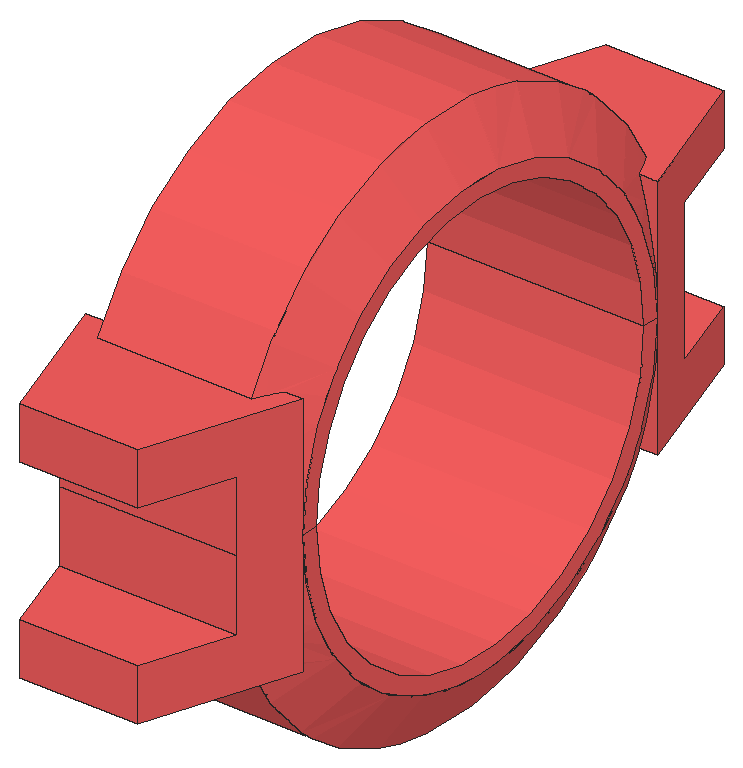
Revit family "ST-12 EX LWT COUPLING FLANGE", category Pipe Fittings, Revit 2025
Family settings
  Round Connector Dimension = Use Diameter
  Part Type = Flange
  Work Plane-Based = No
  Always vertical = Yes
  Cut with Voids When Loaded = No
  Shared = No
Parameters (values of type "80")
  W [instance] = 24.414 mm
  ND [instance] = 80 mm
  LOOKUP TABLE = "ST-12 EX LWT COUPLING"
  K [instance] = I / 3  # 10.667 mm
  J [instance] = size_lookup(LOOKUP TABLE, "J", 100 mm, ND)  # 50.8 mm
  I [instance] = size_lookup(LOOKUP TABLE, "I", 100 mm, ND)  # 32 mm
  H [instance] = size_lookup(LOOKUP TABLE, "H", 100 mm, ND)  # 114.1 mm
  F [instance] = E + 7 mm  # 92.1 mm
  E [instance] = size_lookup(LOOKUP TABLE, "E", 100 mm, ND)  # 85.1 mm
  Default Elevation = 0 mm
  H+2 [instance] = H + 2 mm  # 116.1 mm
  DCD+5 [instance] = DCD + 5 mm  # 49.9 mm
  DCD [instance] = size_lookup(LOOKUP TABLE, "DCD", 100 mm, ND)  # 44.9 mm
  ANG [instance] = 20.00°
  A [instance] = size_lookup(LOOKUP TABLE, "A", 100 mm, ND)  # 152 mm
Types (13, lengths in mm): name | W | ND | K | J | I | H | F | E | H+2 | DCD+5 | DCD | A
  25 | 15 | 25 | 10.1 | 33 | 30.3 | 55.6 | 37.4 | 30.4 | 57.6 | 48.5 | 43.5 | 90
  32 | 15 | 32 | 10.667 | 33.6 | 32 | 65 | 46.2 | 39.2 | 67 | 48.5 | 43.5 | 99
  40 | 18 | 40 | 10.667 | 33.6 | 32 | 71 | 52.3 | 45.3 | 73 | 48.5 | 43.5 | 107
  50 | 18 | 50 | 10.667 | 33.6 | 32 | 83.6 | 64.4 | 57.4 | 85.6 | 49.9 | 44.9 | 120
  80 | 24.414 | 80 | 10.667 | 50.8 | 32 | 114.1 | 92.1 | 85.1 | 116.1 | 49.9 | 44.9 | 152
  100 | 20 | 100 | 10.667 | 50.8 | 32 | 147 | 117.3 | 110.3 | 149 | 55.1 | 50.1 | 183
  125 | 24.414 | 125 | 10.667 | 43 | 32 | 175.5 | 144.4 | 137.4 | 177.5 | 55.1 | 50.1 | 220
  150 | 24.414 | 150 | 10.667 | 43 | 32 | 204 | 171.4 | 164.4 | 206 | 55.1 | 50.1 | 249
  200 | 20 | 200 | 10.667 | 82.8 | 32 | 261.5 | 221.9 | 214.9 | 263.5 | 63.3 | 58.3 | 315
  65 | 24.414 | 65 | 10.667 | 33.6 | 32 | 97.3 | 76.3 | 69.3 | 99.3 | 49.9 | 44.9 | 134
  3OD | 24.414 | 76.1 | 10.667 | 33.6 | 32 | 100.5 | 79.5 | 72.5 | 102.5 | 49.9 | 44.9 | 137
  5.5OD | 24.414 | 139.7 | 10.667 | 50.8 | 32 | 173.8 | 143 | 136 | 175.8 | 55.1 | 50.1 | 220
  6.5OD | 24.414 | 165.1 | 10.667 | 43 | 32 | 201 | 168.2 | 161.2 | 203 | 55.1 | 50.1 | 246
Reference planes
  plane 1 "Center (Front/Back)": y = 0
  plane 2: z = 0
  plane 3 "Center (Left/Right)": x = 0
  plane 4 "PLANE L": x = 0
  plane 5 "PLANE R": x = 0
Forms (mm)
  Revolve 1, solid, material "iron"
    sketch origin (0, 0, 0) x (1, 0, 0) y (0, 1, 0)
      loop
        line (-16, 57.05) -> (-22.45, 46.05) -> (-22.45, 42.55) -> (22.45, 42.55) -> (22.45, 46.05) -> (16, 57.05) -> (-16, 57.05)
      axis (22.45, 0) -> (-22.45, 0)
    angle from 0 to 360
  Extrusion 2, solid, material "iron"
    sketch origin (0, -0.094, 0) x (0, 1, 0) y (0, 0, 1)
      loop
        line (46.144, 25.4) -> (46.144, 8) -> (46.144, 0) -> (46.144, -8) -> (46.144, -25.4) -> (76.094, -25.4) -> (76.094, -14.733) -> (58.144, -14.733) -> (58.144, 0) -> (58.144, 14.733) -> (76.094, 14.733) -> (76.094, 25.4) -> (46.144, 25.4)
      loop
        line (-45.956, 25.4) -> (-75.906, 25.4) -> (-75.906, 14.733) -> (-57.956, 14.733) -> (-57.956, 0) -> (-57.956, -14.733) -> (-75.906, -14.733) -> (-75.906, -25.4) -> (-45.956, -25.4) -> (-45.956, -8) -> (-45.956, 0) -> (-45.956, 8) -> (-45.956, 25.4)
    from -22.45 to 22.45
  Extrusion 3, void
    sketch origin (0, 0, 0) x (1, 0, 0) y (0, 1, 0)
      loop
        line (-22.45, -46.05) -> (-22.45, -76) -> (-12.207, -76) -> (-22.45, -46.05)
      loop
        line (12.207, -76) -> (22.45, -76) -> (22.45, -46.05) -> (12.207, -76)
      loop
        line (-22.45, 46.05) -> (-12.207, 76) -> (-22.45, 76) -> (-22.45, 46.05)
      loop
        line (12.207, 76) -> (22.45, 46.05) -> (22.45, 76) -> (12.207, 76)
    from -25.4 to 25.4
Cuts and joins
  Extrusion 3 cuts Revolve 1
  Extrusion 3 cuts Extrusion 2
  joined: Revolve 1, Extrusion 2
Lines and regions (mm)
  reference lines
    curve 1: line (-38.932, 42.55, 0) -> (41.068, 42.55, 0)
    curve 2: line (41.068, -42.55, 0) -> (-38.932, -42.55, 0)
    curve 3: line (-27.551, 46.05, 0) -> (28.865, 46.05, 0)
    curve 4: line (-107.346, -46.05, 0) -> (76.337, -46.05, 0)
    curve 5: line (22.45, 56.63, 0) -> (22.45, -46.039, 0)
    curve 6: line (-22.45, 57.05, 0) -> (-22.45, -31.039, 0)
    curve 7: line (-47.972, 57.05, 0) -> (99.702, 57.05, 0)
    curve 8: line (134.01, -57.05, 0) -> (-125.138, -57.05, 0)
    curve 9: line (-29.202, 76, 0) -> (76.073, 76, 0)
    curve 10: line (-107.346, -76, 0) -> (111.802, -76, 0)
    curve 11: line (-22.45, 47.777, 0) -> (-12.178, 76, 0)
    curve 12: line (22.45, 46.05, 0) -> (12.178, 76, 0)
    curve 13: line (0, 76, 13.9) -> (0, 76, -8.184)
    curve 14: line (0, -76, 50) -> (0, -76, -7.685)
    curve 15: line (0, -133.969, 25.4) -> (0, 146.27, 25.4)
    curve 16: line (0, -123.267, -25.4) -> (0, 143.733, -25.4)
    curve 17: line (0, 58.05, 38.5) -> (0, 58.05, -24.77)
    curve 18: line (0, -58.05, 45) -> (0, -58.05, -25.4)
    curve 19: line (0, 94.196, 14.733) -> (0, -97.804, 14.733)
    curve 20: line (0, 88.539, -14.733) -> (0, -93.461, -14.733)
    curve 21: line (-73.141, 36.722, 0) -> (39.974, 36.722, 0)
    curve 22: line (-32.706, -36.722, 0) -> (32.23, -36.722, 0)
    curve 23: line (-22.45, 47.777, 0) -> (-12.178, 76, 0)
    curve 24: line (-84.163, 0, 0) -> (50.837, 0, 0)
Dimensions and locks
  equal spacing: curve 2, plane 1 "Center (Front/Back)", curve 1
  "E": curve 2 to curve 1
  equal spacing: curve 4, plane 1 "Center (Front/Back)", curve 3
  "F": curve 4 to curve 3
  equal spacing: curve 6, plane 3 "Center (Left/Right)", curve 5
  "DCD": curve 6 to curve 5
  equal spacing: curve 8, plane 1 "Center (Front/Back)", curve 7
  "H": curve 8 to curve 7
  equal spacing: Revolve 1 sketch curve, plane 3 "Center (Left/Right)", Revolve 1 sketch curve
  "I": Revolve 1 sketch curve to Revolve 1 sketch curve
  equal spacing: curve 10, plane 1 "Center (Front/Back)", curve 9
  "A": curve 10 to curve 9
  equal spacing: curve 14, plane 1 "Center (Front/Back)", curve 13
  "A": curve 14 to curve 13
  equal spacing: curve 18, plane 1 "Center (Front/Back)", curve 17
  "H+2": curve 18 to curve 17
  equal spacing: curve 16, level, curve 15
  "J": curve 16 to curve 15
  "K": curve 15 to curve 19
  "K": curve 20 to curve 16
  equal spacing: curve 22, plane 1 "Center (Front/Back)", curve 21
  curve 22 to curve 21 = 73.443 mm
  equal spacing: Extrusion 3 sketch curve, curve 15, Extrusion 3 sketch curve  (x2)
  equal spacing: curve 10, curve 24, curve 9
  "W": Extrusion 3 sketch curve to Extrusion 3 sketch curve  (x2)
  equal spacing: plane 4 "PLANE L", curve 15, plane 5 "PLANE R"
  locked: curve 3 to curve 11 (angle 70.00°)
  aligned and locked: level to plane 2
  aligned and locked: curve 7 to Revolve 1 sketch curve
  aligned and locked: Revolve 1 sketch curve to plane 1 "Center (Front/Back)"
  aligned and locked: curve 17 to Extrusion 2 sketch curve
  aligned and locked: Extrusion 2 sketch curve to curve 13  (x2)
  aligned and locked: curve 19 to Extrusion 2 sketch curve
  aligned and locked: curve 15 to Extrusion 2 sketch curve
  aligned and locked: curve 20 to Extrusion 2 sketch curve
  aligned and locked: curve 16 to Extrusion 2 sketch curve
  aligned and locked: Extrusion 2 sketch curve to curve 15
  aligned and locked: curve 14 to Extrusion 2 sketch curve
  aligned and locked: Extrusion 2 sketch curve to curve 14
  aligned and locked: Extrusion 2 sketch curve to curve 20
  aligned and locked: Extrusion 2 sketch curve to curve 18
  aligned and locked: curve 18 to Extrusion 2 sketch curve
  aligned and locked: Extrusion 2 sketch curve to curve 16
  aligned and locked: Extrusion 2 to curve 6
  aligned and locked: Extrusion 2 to curve 5
  aligned and locked: curve 3 to Extrusion 2
  aligned and locked: Extrusion 2 to curve 4
  aligned and locked: curve 6 to Revolve 1 sketch curve
  aligned and locked: curve 5 to Revolve 1 sketch curve
  aligned and locked: curve 1 to Revolve 1 sketch curve  (x2)
  aligned and locked: cut or joined group of Revolve 1, Extrusion 2, Extrusion 3 to cut or joined group of Revolve 1, Extrusion 2, Extrusion 3  (x2)
  aligned and locked: cut or joined group of Revolve 1, Extrusion 2, Extrusion 3 to curve 19
  aligned and locked: cut or joined group of Revolve 1, Extrusion 2, Extrusion 3 to curve 16
  aligned and locked: curve 15 to cut or joined group of Revolve 1, Extrusion 2, Extrusion 3
  aligned and locked: Extrusion 3 sketch curve to curve 10  (x2)
  aligned and locked: Extrusion 3 sketch curve to curve 6
  aligned and locked: curve 5 to Extrusion 3 sketch curve
  aligned and locked: curve 4 to Extrusion 3 sketch curve  (x2)
  aligned and locked: Extrusion 3 sketch curve to cut or joined group of Revolve 1, Extrusion 2, Extrusion 3  (x4)
  aligned and locked: Extrusion 3 sketch curve to curve 9
  aligned and locked: curve 3 to Extrusion 3 sketch curve  (x2)
  aligned and locked: plane 4 "PLANE L" to plane 3 "Center (Left/Right)"
Automatic sketch dimensions
  Extrusion 2 sketch curve to level = 0 mm  (x4)
  Extrusion 2 sketch curve to Extrusion 2 sketch curve = 12 mm  (x2)
  Extrusion 2 sketch curve to level = 8 mm
  Extrusion 2 sketch curve to Extrusion 2 sketch curve = 8 mm
  level to Extrusion 2 sketch curve = 14.733 mm
  level to Extrusion 2 sketch curve = 8 mm  (x2)
  Revolve 1 sketch curve to Revolve 1 sketch curve = 3.5 mm  (x2)
  Revolve 1 sketch curve to Revolve 1 sketch curve = 1978.25 mm  (x2)
  curve 20 to curve 14 = 17.461 mm
  curve 19 to curve 20 = 4.343 mm
  curve 16 to curve 20 = 29.806 mm
  curve 15 to curve 16 = 10.702 mm
  curve 13 to curve 20 = 12.539 mm
  curve 20 to curve 19 = 5.657 mm
  curve 19 to curve 16 = 49.538 mm
  curve 16 to curve 15 = 2.537 mm
  curve 17 to level = 24.77 mm
  curve 18 to level = 25.4 mm
  curve 13 to level = 8.184 mm
  curve 14 to level = 7.685 mm
  level to curve 13 = 13.9 mm
  curve 13 to curve 17 = 24.6 mm
  level to curve 18 = 45 mm
  curve 18 to curve 14 = 5 mm
  curve 3 to curve 23 = 5.101 mm
  curve 9 to curve 6 = 6.752 mm
  curve 22 to curve 6 = 10.256 mm
  curve 2 to curve 22 = 6.226 mm
  curve 1 to curve 3 = 11.381 mm
  curve 7 to curve 1 = 9.039 mm
  curve 21 to curve 7 = 25.169 mm
  curve 24 to curve 21 = 11.023 mm
  curve 10 to curve 2 = 68.413 mm
  curve 4 to curve 10 = 0 mm
  curve 8 to curve 4 = 17.792 mm
  curve 11 to plane 3 "Center (Left/Right)" = 12.178 mm
  curve 23 to curve 11 = 0 mm  (x2)
  plane 3 "Center (Left/Right)" to curve 12 = 12.178 mm
  curve 12 to curve 3 = 6.415 mm
  curve 5 to curve 22 = 9.78 mm
  curve 3 to curve 21 = 11.109 mm
  curve 22 to curve 2 = 8.838 mm
  curve 21 to curve 1 = 1.093 mm
  curve 21 to curve 24 = 10.862 mm
  curve 1 to curve 9 = 35.005 mm
  curve 2 to curve 4 = 35.269 mm
  curve 9 to curve 7 = 23.629 mm
  curve 4 to curve 10 = 35.465 mm
  curve 10 to curve 8 = 22.208 mm
  curve 5 to curve 22 = 9.318 mm
  curve 22 to curve 6 = 5.682 mm
  curve 12 to curve 5 = 10.58 mm
Connectors
  piping at (0, 0, 0), diameter 80, driven by "ND"
    settings: index 1, connector inside diameter 609.6 mm, connector length 0 mm, flow factor 0, pipe flow 0.0 L/s, pressure drop 0.0 Pa, fitting loss kfactor 0, connector angle 0.00°, fixture units 0, engagement length 0 mm, angle of deflection 0.00°, flow configuration 0, flow direction 0, fitting loss method 0, system type 28, joint type 0, gender type 0, connector reference index -1, connector utility 0, adjustable connector no, is connector primary yes, connector description ""
  piping at (0, 0, 0), diameter 80, driven by "ND"
    settings: index 2, connector inside diameter 609.6 mm, connector length 0 mm, flow factor 0, pipe flow 0.0 L/s, pressure drop 0.0 Pa, fitting loss kfactor 0, connector angle 0.00°, fixture units 0, engagement length 0 mm, angle of deflection 0.00°, flow configuration 0, flow direction 0, fitting loss method 0, system type 28, joint type 0, gender type 0, connector reference index -1, connector utility 0, adjustable connector no, is connector primary no, connector description ""
